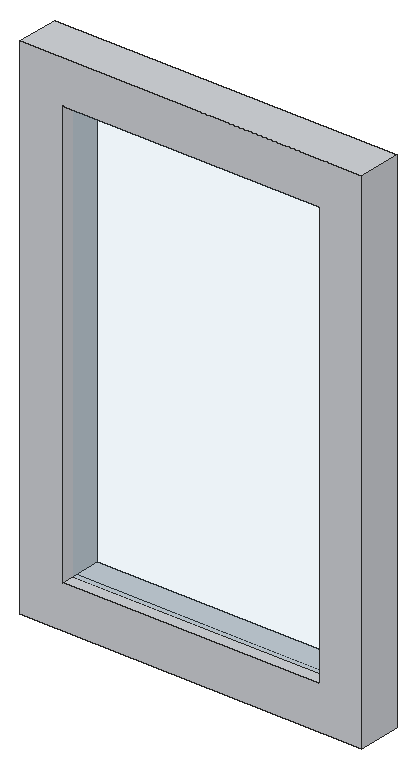
Revit family "PHLS Window", category Windows, host Wall, Revit 2018 (continued)
Definition of nested family "oReveal Right Side Text - Elevation"
  Lines and regions (mm)
    Filled region 9, type "Solid Fill - Blue", in view "Ref. Level"
      outline origin (197.496, 45, 0) x (1, 0, 0) y (0, 1, 0)
        loop
          spline (-180.176, -24.947) -> (-183.054, -25.289) -> (-185.569, -25.599) -> (-187.565, -26.26) -> (-188.711, -27.474) -> (-189.006, -29.249) -> (-188.323, -30.798) -> (-186.742, -31.691) -> (-184.734, -31.772) -> (-182.898, -31.193) -> (-181.336, -30.093) -> (-180.13, -28.385) -> (-179.062, -24.59)
    Filled region 10, type "Solid Fill - Blue", in view "Ref. Level"
      outline origin (212.589, 45, 0) x (1, 0, 0) y (0, 1, 0)
        loop
          line (-188.472, -33.793) -> (-185.362, -33.793) -> (-180.225, -8.762) -> (-183.335, -8.762) -> (-188.472, -33.793)
    Filled region 11, type "Solid Fill - Blue", in view "Ref. Level"
      outline origin (374.336, 45, 0) x (1, 0, 0) y (0, 1, 0)
        loop
          line (-188.129, -25.472) -> (-174.751, -25.472)
          spline (-174.751, -25.472) -> (-175.33, -18.793) -> (-178.232, -15.972) -> (-182.297, -15.286) -> (-185.875, -16.235) -> (-188.923, -19.053) -> (-190.829, -22.908) -> (-191.378, -26.678) -> (-190.398, -30.629) -> (-187.637, -33.408) -> (-183.785, -34.191) -> (-179.629, -32.861) -> (-175.591, -27.915)
          line (-175.591, -27.915) -> (-178.628, -27.65)
          spline (-178.628, -27.65) -> (-179.383, -29.083) -> (-180.181, -30.112) -> (-181.08, -30.842) -> (-182.086, -31.328) -> (-183.191, -31.613) -> (-184.325, -31.69) -> (-185.385, -31.524) -> (-186.294, -31.082) -> (-187.053, -30.342) -> (-187.68, -29.283) -> (-188.105, -27.762) -> (-188.129, -25.472)
        loop
          spline (-177.445, -23.161) -> (-177.526, -21.224) -> (-177.805, -19.993) -> (-178.317, -19.083) -> (-179.061, -18.396) -> (-179.944, -17.928) -> (-180.872, -17.685) -> (-181.802, -17.626) -> (-182.746, -17.748) -> (-183.806, -18.125) -> (-185.057, -18.884) -> (-186.406, -20.407) -> (-187.699, -23.161)
          line (-187.699, -23.161) -> (-177.445, -23.161)
    Filled region 12, type "Solid Fill - Blue", in view "Ref. Level"
      outline origin (363.908, 45, 0) x (1, 0, 0) y (0, 1, 0)
        loop
          line (-189.097, -33.793) -> (-186.143, -33.793) -> (-181.007, -8.762) -> (-183.96, -8.762) -> (-185.992, -18.666)
          spline (-185.992, -18.666) -> (-189.018, -15.645) -> (-191.89, -15.318) -> (-194.745, -16.312) -> (-197.017, -18.256) -> (-198.758, -21.005) -> (-199.707, -23.911) -> (-199.98, -27.227) -> (-199.492, -30.174) -> (-197.974, -32.627) -> (-195.435, -34.052) -> (-192.553, -33.977) -> (-188.596, -31.353)
          line (-188.596, -31.353) -> (-189.097, -33.793)
        loop
          spline (-187.074, -23.939) -> (-187.766, -19.434) -> (-189.652, -17.96) -> (-191.978, -17.855) -> (-193.982, -19.036) -> (-195.419, -21.043) -> (-196.57, -23.675) -> (-197.008, -26.615) -> (-196.558, -29.314) -> (-195.29, -31.127) -> (-193.225, -31.745) -> (-190.995, -31.199) -> (-187.564, -26.326)
          line (-187.564, -26.326) -> (-187.074, -23.939)
    Filled region 13, type "Solid Fill - Blue", in view "Ref. Level"
      outline origin (301.91, 45, 0) x (1, 0, 0) y (0, 1, 0)
        loop
          spline (-188.225, -31.068) -> (-188.142, -32.2) -> (-187.85, -32.743) -> (-187.548, -33.075) -> (-187.215, -33.366) -> (-186.817, -33.641) -> (-186.334, -33.851) -> (-185.8, -33.988) -> (-185.279, -34.07) -> (-184.77, -34.11) -> (-184.203, -34.117) -> (-183.457, -34.057) -> (-182.296, -33.793)
          line (-182.296, -33.793) -> (-181.778, -31.268)
          spline (-181.778, -31.268) -> (-182.615, -31.431) -> (-183.256, -31.506) -> (-183.748, -31.513) -> (-184.131, -31.466) -> (-184.428, -31.371) -> (-184.66, -31.233) -> (-184.832, -31.045) -> (-184.939, -30.798) -> (-184.983, -30.489) -> (-184.981, -30.117) -> (-184.902, -29.552) -> (-184.676, -28.55)
          line (-184.676, -28.55) -> (-182.44, -18.033) -> (-179.466, -18.033) -> (-178.977, -15.651) -> (-181.952, -15.651) -> (-180.595, -9.043) -> (-184.142, -11.174) -> (-185.061, -15.651) -> (-187.516, -15.651) -> (-188.004, -18.033) -> (-185.55, -18.033) -> (-188.225, -31.068)
    Filled region 14, type "Solid Fill - Blue", in view "Ref. Level"
      outline origin (342.757, 45, 0) x (1, 0, 0) y (0, 1, 0)
        loop
          line (-187.046, -33.813) -> (-183.92, -33.813) -> (-180.059, -15.651) -> (-183.186, -15.651) -> (-187.046, -33.813)
        loop
          line (-178.662, -8.76) -> (-181.772, -8.76) -> (-182.479, -12.206) -> (-179.369, -12.206) -> (-178.662, -8.76)
    Filled region 15, type "Solid Fill - Blue", in view "Ref. Level"
      outline origin (325.902, 45, 0) x (1, 0, 0) y (0, 1, 0)
        loop
          spline (-191.902, -25.696) -> (-188.873, -32.573) -> (-184.7, -34.054) -> (-179.1, -33.911) -> (-174.626, -31.632) -> (-172.605, -27.747) -> (-173.701, -23.276) -> (-177.807, -20.444) -> (-183.106, -18.033) -> (-185.511, -14.656) -> (-182.77, -11.452) -> (-177.656, -11.4) -> (-174.053, -16.091)
          line (-174.053, -16.091) -> (-170.823, -15.809)
          spline (-170.823, -15.809) -> (-173.206, -10.35) -> (-177.749, -8.428) -> (-183.329, -8.698) -> (-187.292, -10.915) -> (-188.76, -15.635) -> (-186.187, -19.894) -> (-181.292, -22.401) -> (-176.599, -25.193) -> (-176.643, -29.277) -> (-181.021, -31.416) -> (-186.304, -30.526) -> (-188.603, -25.407)
          line (-188.603, -25.407) -> (-191.902, -25.696)
    Filled region 16, type "Solid Fill - Blue", in view "Ref. Level"
      outline origin (231.047, 45, 0) x (1, 0, 0) y (0, 1, 0)
        loop
          line (-188.472, -33.793) -> (-185.05, -33.793) -> (-182.768, -22.676) -> (-178.749, -22.676)
          spline (-178.749, -22.676) -> (-177.093, -22.836) -> (-175.853, -23.268) -> (-174.945, -23.899) -> (-174.288, -24.657) -> (-173.796, -25.469) -> (-173.389, -26.266) -> (-173.006, -27.05) -> (-172.612, -27.905) -> (-172.172, -28.918) -> (-171.652, -30.178) -> (-171.017, -31.774) -> (-170.235, -33.793)
          line (-170.235, -33.793) -> (-166.55, -33.793)
          spline (-166.55, -33.793) -> (-167.221, -32.11) -> (-167.783, -30.698) -> (-168.262, -29.514) -> (-168.682, -28.512) -> (-169.068, -27.647) -> (-169.446, -26.874) -> (-169.84, -26.149) -> (-170.279, -25.44) -> (-170.789, -24.735) -> (-171.402, -24.023) -> (-172.145, -23.293) -> (-173.048, -22.536)
          spline (-173.048, -22.536) -> (-169.187, -21.607) -> (-167.872, -20.91) -> (-166.626, -19.99) -> (-165.691, -18.809) -> (-165.041, -17.479) -> (-164.64, -16.087) -> (-164.569, -14.41) -> (-164.781, -12.941) -> (-165.311, -11.614) -> (-166.271, -10.347) -> (-167.333, -9.51) -> (-170.221, -8.762)
          line (-170.221, -8.762) -> (-183.335, -8.762) -> (-188.472, -33.793)
        loop
          line (-180.453, -11.396) -> (-182.195, -19.881) -> (-174.048, -19.881)
          spline (-174.048, -19.881) -> (-171.339, -19.39) -> (-170.403, -18.98) -> (-169.624, -18.453) -> (-168.951, -17.766) -> (-168.372, -16.767) -> (-167.965, -15.727) -> (-167.815, -14.787) -> (-167.91, -13.846) -> (-168.186, -12.981) -> (-168.936, -12.084) -> (-169.762, -11.678) -> (-172.089, -11.396)
          line (-172.089, -11.396) -> (-180.453, -11.396)
    Filled region 17, type "Solid Fill - Blue", in view "Ref. Level"
      outline origin (254.228, 45, 0) x (1, 0, 0) y (0, 1, 0)
        loop
          line (-187.046, -33.813) -> (-183.92, -33.813) -> (-180.059, -15.651) -> (-183.186, -15.651) -> (-187.046, -33.813)
        loop
          line (-178.662, -8.76) -> (-181.772, -8.76) -> (-182.479, -12.206) -> (-179.369, -12.206) -> (-178.662, -8.76)
    Filled region 18, type "Solid Fill - Blue", in view "Ref. Level"
      outline origin (273.129, 45, 0) x (1, 0, 0) y (0, 1, 0)
        loop
          line (-180.059, -15.651) -> (-182.873, -15.651) -> (-183.507, -18.631)
          spline (-183.507, -18.631) -> (-187.01, -15.474) -> (-189.921, -15.283) -> (-192.548, -16.16) -> (-194.909, -18.032) -> (-196.766, -20.673) -> (-197.861, -23.651) -> (-198.089, -26.745) -> (-197.453, -29.77) -> (-195.976, -32.014) -> (-193.714, -33.506) -> (-190.414, -33.658) -> (-186.497, -31.375)
          spline (-186.497, -31.375) -> (-187.176, -34.352) -> (-187.597, -35.867) -> (-188.052, -36.823) -> (-188.69, -37.524) -> (-189.569, -38.048) -> (-190.623, -38.384) -> (-191.767, -38.529) -> (-192.924, -38.517) -> (-193.958, -38.361) -> (-194.751, -38.029) -> (-195.45, -37.333) -> (-195.731, -35.767)
          line (-195.731, -35.767) -> (-198.821, -35.466)
          spline (-198.821, -35.466) -> (-198.736, -37.55) -> (-198.091, -39.018) -> (-196.931, -40.043) -> (-195.401, -40.659) -> (-193.776, -40.988) -> (-192.164, -41.084) -> (-190.591, -40.969) -> (-189.102, -40.652) -> (-187.722, -40.101) -> (-186.377, -39.083) -> (-185.025, -37.23) -> (-183.92, -33.813)
          line (-183.92, -33.813) -> (-180.059, -15.651)
        loop
          spline (-191.883, -31.164) -> (-190.589, -31.311) -> (-189.243, -30.995) -> (-187.939, -30.237) -> (-186.765, -29.087) -> (-185.801, -27.626) -> (-185.113, -25.951) -> (-184.747, -24.178) -> (-184.729, -22.427) -> (-185.06, -20.818) -> (-185.717, -19.46) -> (-186.655, -18.445) -> (-187.811, -17.844)
          spline (-187.811, -17.844) -> (-189.106, -17.696) -> (-190.451, -18.012) -> (-191.755, -18.771) -> (-192.93, -19.92) -> (-193.894, -21.382) -> (-194.582, -23.056) -> (-194.948, -24.829) -> (-194.966, -26.58) -> (-194.635, -28.189) -> (-193.978, -29.548) -> (-193.039, -30.562) -> (-191.883, -31.164)
    Filled region 19, type "Solid Fill - Blue", in view "Ref. Level"
      outline origin (280.845, 45, 0) x (1, 0, 0) y (0, 1, 0)
        loop
          line (-187.203, -33.813) -> (-184.076, -33.813) -> (-182.029, -24.183)
          spline (-182.029, -24.183) -> (-181.055, -21.496) -> (-180.114, -19.985) -> (-179.213, -19.156) -> (-178.355, -18.578) -> (-177.493, -18.149) -> (-176.57, -17.875) -> (-175.595, -17.762) -> (-174.69, -17.814) -> (-173.937, -18.051) -> (-173.31, -18.53) -> (-172.9, -19.34) -> (-173.029, -21.034)
          line (-173.029, -21.034) -> (-175.745, -33.813) -> (-172.618, -33.813) -> (-170.184, -22.361)
          spline (-170.184, -22.361) -> (-169.793, -19.618) -> (-169.966, -18.045) -> (-170.478, -17.066) -> (-171.158, -16.393) -> (-171.899, -15.878) -> (-172.776, -15.508) -> (-173.861, -15.299) -> (-175.038, -15.27) -> (-176.173, -15.439) -> (-177.283, -15.818) -> (-178.473, -16.46) -> (-180.15, -17.713)
          line (-180.15, -17.713) -> (-180.789, -18.352) -> (-178.751, -8.76) -> (-181.877, -8.76) -> (-187.203, -33.813)
    Filled region 20, type "Solid Fill - Blue", in view "Ref. Level"
      outline origin (98.855, 44.647, 0) x (1, 0, 0) y (0, 1, 0)
        loop
          spline (-185.95, -31.303) -> (-184.564, -31.411) -> (-183.141, -31.022) -> (-181.777, -30.162) -> (-180.567, -28.889) -> (-179.592, -27.29) -> (-178.919, -25.475) -> (-178.594, -23.566) -> (-178.639, -21.694) -> (-179.051, -19.987) -> (-179.801, -18.56) -> (-180.839, -17.511) -> (-182.095, -16.912)
          spline (-182.095, -16.912) -> (-183.481, -16.803) -> (-184.904, -17.193) -> (-186.268, -18.053) -> (-187.478, -19.326) -> (-188.453, -20.924) -> (-189.126, -22.74) -> (-189.451, -24.649) -> (-189.406, -26.521) -> (-188.994, -28.228) -> (-188.244, -29.655) -> (-187.205, -30.703) -> (-185.95, -31.303)
        loop
          spline (-186.719, -33.512) -> (-184.541, -33.789) -> (-182.328, -33.407) -> (-180.231, -32.391) -> (-178.392, -30.811) -> (-176.936, -28.774) -> (-175.964, -26.418) -> (-175.54, -23.905) -> (-175.695, -21.406) -> (-176.417, -19.092) -> (-177.658, -17.118) -> (-179.332, -15.622) -> (-181.326, -14.703)
          spline (-181.326, -14.703) -> (-183.503, -14.425) -> (-185.717, -14.808) -> (-187.814, -15.823) -> (-189.653, -17.404) -> (-191.109, -19.441) -> (-192.081, -21.797) -> (-192.505, -24.309) -> (-192.35, -26.808) -> (-191.628, -29.123) -> (-190.387, -31.096) -> (-188.713, -32.593) -> (-186.719, -33.512)
Definition of nested family "oReveal Left Side Text - Elevation"
  Reference planes
    plane 1 "Center (Front/Back)": y = 0
    plane 2: z = 0
    plane 3 "Center (Left/Right)": x = 0
  Lines and regions (mm)
    Filled region 1, type "Solid Fill - Blue", in view "Ref. Level"
      outline origin (0, 45, 0) x (1, 0, 0) y (0, 1, 0)
        loop
          line (-188.472, -33.793) -> (-185.05, -33.793) -> (-182.961, -23.613) -> (-175.674, -23.613)
          spline (-175.674, -23.613) -> (-171.33, -22.908) -> (-169.791, -22.309) -> (-168.405, -21.311) -> (-167.201, -20.024) -> (-166.317, -18.518) -> (-165.768, -16.888) -> (-165.579, -15.289) -> (-165.618, -13.63) -> (-166.119, -11.979) -> (-167.07, -10.588) -> (-168.322, -9.573) -> (-171.627, -8.762)
          line (-171.627, -8.762) -> (-183.335, -8.762) -> (-188.472, -33.793)
        loop
          line (-180.453, -11.396) -> (-182.387, -20.819) -> (-175.67, -20.819)
          spline (-175.67, -20.819) -> (-172.662, -20.274) -> (-171.624, -19.818) -> (-170.758, -19.233) -> (-170.01, -18.47) -> (-169.367, -17.36) -> (-168.916, -16.205) -> (-168.749, -15.161) -> (-168.855, -14.116) -> (-169.161, -13.156) -> (-169.994, -12.16) -> (-170.911, -11.709) -> (-173.495, -11.396)
          line (-173.495, -11.396) -> (-180.453, -11.396)
    Filled region 2, type "Solid Fill - Blue", in view "Ref. Level"
      outline origin (23.211, 45, 0) x (1, 0, 0) y (0, 1, 0)
        loop
          line (-188.472, -33.793) -> (-185.05, -33.793) -> (-182.624, -21.973) -> (-169.658, -21.973) -> (-172.083, -33.793) -> (-168.661, -33.793) -> (-163.525, -8.762) -> (-166.947, -8.762) -> (-169.084, -19.178) -> (-182.05, -19.178) -> (-179.913, -8.762) -> (-183.335, -8.762) -> (-188.472, -33.793)
    Filled region 3, type "Solid Fill - Blue", in view "Ref. Level"
      outline origin (48.414, 45, 0) x (1, 0, 0) y (0, 1, 0)
        loop
          line (-188.472, -33.793) -> (-185.05, -33.793) -> (-182.961, -23.613) -> (-175.674, -23.613)
          spline (-175.674, -23.613) -> (-171.33, -22.908) -> (-169.791, -22.309) -> (-168.405, -21.311) -> (-167.201, -20.024) -> (-166.317, -18.518) -> (-165.768, -16.888) -> (-165.579, -15.289) -> (-165.618, -13.63) -> (-166.119, -11.979) -> (-167.07, -10.588) -> (-168.322, -9.573) -> (-171.627, -8.762)
          line (-171.627, -8.762) -> (-183.335, -8.762) -> (-188.472, -33.793)
        loop
          line (-180.453, -11.396) -> (-182.387, -20.819) -> (-175.67, -20.819)
          spline (-175.67, -20.819) -> (-172.662, -20.274) -> (-171.624, -19.818) -> (-170.758, -19.233) -> (-170.01, -18.47) -> (-169.367, -17.36) -> (-168.916, -16.205) -> (-168.749, -15.161) -> (-168.855, -14.116) -> (-169.161, -13.156) -> (-169.994, -12.16) -> (-170.911, -11.709) -> (-173.495, -11.396)
          line (-173.495, -11.396) -> (-180.453, -11.396)
    Filled region 4, type "Solid Fill - Blue", in view "Ref. Level"
      outline origin (71.479, 45, 0) x (1, 0, 0) y (0, 1, 0)
        loop
          line (-188.472, -33.793) -> (-185.05, -33.793) -> (-182.961, -23.613) -> (-175.674, -23.613)
          spline (-175.674, -23.613) -> (-171.33, -22.908) -> (-169.791, -22.309) -> (-168.405, -21.311) -> (-167.201, -20.024) -> (-166.317, -18.518) -> (-165.768, -16.888) -> (-165.579, -15.289) -> (-165.618, -13.63) -> (-166.119, -11.979) -> (-167.07, -10.588) -> (-168.322, -9.573) -> (-171.627, -8.762)
          line (-171.627, -8.762) -> (-183.335, -8.762) -> (-188.472, -33.793)
        loop
          line (-180.453, -11.396) -> (-182.387, -20.819) -> (-175.67, -20.819)
          spline (-175.67, -20.819) -> (-172.662, -20.274) -> (-171.624, -19.818) -> (-170.758, -19.233) -> (-170.01, -18.47) -> (-169.367, -17.36) -> (-168.916, -16.205) -> (-168.749, -15.161) -> (-168.855, -14.116) -> (-169.161, -13.156) -> (-169.994, -12.16) -> (-170.911, -11.709) -> (-173.495, -11.396)
          line (-173.495, -11.396) -> (-180.453, -11.396)
    Filled region 5, type "Solid Fill - Blue", in view "Ref. Level"
      outline origin (123.92, 45, 0) x (1, 0, 0) y (0, 1, 0)
        loop
          line (-188.472, -33.793) -> (-185.05, -33.793) -> (-182.768, -22.676) -> (-178.749, -22.676)
          spline (-178.749, -22.676) -> (-177.093, -22.836) -> (-175.853, -23.268) -> (-174.945, -23.899) -> (-174.288, -24.657) -> (-173.796, -25.469) -> (-173.389, -26.266) -> (-173.006, -27.05) -> (-172.612, -27.905) -> (-172.172, -28.918) -> (-171.652, -30.178) -> (-171.017, -31.774) -> (-170.235, -33.793)
          line (-170.235, -33.793) -> (-166.55, -33.793)
          spline (-166.55, -33.793) -> (-167.221, -32.11) -> (-167.783, -30.698) -> (-168.262, -29.514) -> (-168.682, -28.512) -> (-169.068, -27.647) -> (-169.446, -26.874) -> (-169.84, -26.149) -> (-170.279, -25.44) -> (-170.789, -24.735) -> (-171.402, -24.023) -> (-172.145, -23.293) -> (-173.048, -22.536)
          spline (-173.048, -22.536) -> (-169.187, -21.607) -> (-167.872, -20.91) -> (-166.626, -19.99) -> (-165.691, -18.809) -> (-165.041, -17.479) -> (-164.64, -16.087) -> (-164.569, -14.41) -> (-164.781, -12.941) -> (-165.311, -11.614) -> (-166.271, -10.347) -> (-167.333, -9.51) -> (-170.221, -8.762)
          line (-170.221, -8.762) -> (-183.335, -8.762) -> (-188.472, -33.793)
        loop
          line (-180.453, -11.396) -> (-182.195, -19.881) -> (-174.048, -19.881)
          spline (-174.048, -19.881) -> (-171.339, -19.39) -> (-170.403, -18.98) -> (-169.624, -18.453) -> (-168.951, -17.766) -> (-168.372, -16.767) -> (-167.965, -15.727) -> (-167.815, -14.787) -> (-167.91, -13.846) -> (-168.186, -12.981) -> (-168.936, -12.084) -> (-169.762, -11.678) -> (-172.089, -11.396)
          line (-172.089, -11.396) -> (-180.453, -11.396)
    Filled region 6, type "Solid Fill - Blue", in view "Ref. Level"
      outline origin (152.049, 45, 0) x (1, 0, 0) y (0, 1, 0)
        loop
          line (-188.129, -25.472) -> (-174.751, -25.472)
          spline (-174.751, -25.472) -> (-175.33, -18.793) -> (-178.232, -15.972) -> (-182.297, -15.286) -> (-185.875, -16.235) -> (-188.923, -19.053) -> (-190.829, -22.908) -> (-191.378, -26.678) -> (-190.398, -30.629) -> (-187.637, -33.408) -> (-183.785, -34.191) -> (-179.629, -32.861) -> (-175.591, -27.915)
          line (-175.591, -27.915) -> (-178.628, -27.65)
          spline (-178.628, -27.65) -> (-179.383, -29.083) -> (-180.181, -30.112) -> (-181.08, -30.842) -> (-182.086, -31.328) -> (-183.191, -31.613) -> (-184.325, -31.69) -> (-185.385, -31.524) -> (-186.294, -31.082) -> (-187.053, -30.342) -> (-187.68, -29.283) -> (-188.105, -27.762) -> (-188.129, -25.472)
        loop
          spline (-177.445, -23.161) -> (-177.526, -21.224) -> (-177.805, -19.993) -> (-178.317, -19.083) -> (-179.061, -18.396) -> (-179.944, -17.928) -> (-180.872, -17.685) -> (-181.802, -17.626) -> (-182.746, -17.748) -> (-183.806, -18.125) -> (-185.057, -18.884) -> (-186.406, -20.407) -> (-187.699, -23.161)
          line (-187.699, -23.161) -> (-177.445, -23.161)
    Filled region 7, type "Solid Fill - Blue", in view "Ref. Level"
      outline origin (189.186, 45, 0) x (1, 0, 0) y (0, 1, 0)
        loop
          line (-188.129, -25.472) -> (-174.751, -25.472)
          spline (-174.751, -25.472) -> (-175.33, -18.793) -> (-178.232, -15.972) -> (-182.297, -15.286) -> (-185.875, -16.235) -> (-188.923, -19.053) -> (-190.829, -22.908) -> (-191.378, -26.678) -> (-190.398, -30.629) -> (-187.637, -33.408) -> (-183.785, -34.191) -> (-179.629, -32.861) -> (-175.591, -27.915)
          line (-175.591, -27.915) -> (-178.628, -27.65)
          spline (-178.628, -27.65) -> (-179.383, -29.083) -> (-180.181, -30.112) -> (-181.08, -30.842) -> (-182.086, -31.328) -> (-183.191, -31.613) -> (-184.325, -31.69) -> (-185.385, -31.524) -> (-186.294, -31.082) -> (-187.053, -30.342) -> (-187.68, -29.283) -> (-188.105, -27.762) -> (-188.129, -25.472)
        loop
          spline (-177.445, -23.161) -> (-177.526, -21.224) -> (-177.805, -19.993) -> (-178.317, -19.083) -> (-179.061, -18.396) -> (-179.944, -17.928) -> (-180.872, -17.685) -> (-181.802, -17.626) -> (-182.746, -17.748) -> (-183.806, -18.125) -> (-185.057, -18.884) -> (-186.406, -20.407) -> (-187.699, -23.161)
          line (-187.699, -23.161) -> (-177.445, -23.161)
    Filled region 8, type "Solid Fill - Blue", in view "Ref. Level"
      outline origin (173.693, 45, 0) x (1, 0, 0) y (0, 1, 0)
        loop
          line (-189.88, -33.819) -> (-186.425, -33.819) -> (-175.939, -15.656) -> (-179.19, -15.656) -> (-187.655, -30.927) -> (-189.88, -15.656) -> (-192.832, -15.656) -> (-189.88, -33.819)
    Filled region 9, type "Solid Fill - Blue", in view "Ref. Level"
      outline origin (208.746, 45, 0) x (1, 0, 0) y (0, 1, 0)
        loop
          spline (-176.731, -33.81) -> (-177.048, -30.756) -> (-176.568, -27.729) -> (-175.862, -24.428) -> (-175.296, -21.761) -> (-175.209, -19.472) -> (-176.174, -17.323) -> (-178.088, -15.946) -> (-180.408, -15.324) -> (-183.076, -15.244) -> (-185.871, -15.924) -> (-188.445, -17.662) -> (-190.254, -20.766)
          line (-190.254, -20.766) -> (-187.177, -21.036)
          spline (-187.177, -21.036) -> (-186.217, -19.367) -> (-185.166, -18.49) -> (-184.123, -18.053) -> (-183.14, -17.828) -> (-182.213, -17.753) -> (-181.329, -17.788) -> (-180.488, -17.931) -> (-179.696, -18.205) -> (-178.989, -18.646) -> (-178.457, -19.328) -> (-178.242, -20.429) -> (-178.61, -22.434)
          spline (-178.61, -22.434) -> (-182.106, -22.969) -> (-185.94, -23.268) -> (-188.411, -23.836) -> (-190.183, -24.81) -> (-191.466, -26.329) -> (-192.072, -28.375) -> (-191.785, -30.63) -> (-190.666, -32.589) -> (-188.815, -33.834) -> (-186.625, -34.269) -> (-184.308, -33.979) -> (-180.197, -31.547)
          line (-180.197, -31.547) -> (-179.837, -33.81) -> (-176.731, -33.81)
        loop
          arc (-179.062, -24.59) -> (-179.61, -24.797) -> (-180.176, -24.947) r 5.632
          spline (-180.176, -24.947) -> (-183.054, -25.289) -> (-185.569, -25.599) -> (-187.565, -26.26) -> (-188.711, -27.474) -> (-189.006, -29.249) -> (-188.323, -30.798) -> (-186.742, -31.691) -> (-184.734, -31.772) -> (-182.898, -31.193) -> (-181.336, -30.093) -> (-180.13, -28.385) -> (-179.062, -24.59)
    Filled region 10, type "Solid Fill - Blue", in view "Ref. Level"
      outline origin (223.839, 45, 0) x (1, 0, 0) y (0, 1, 0)
        loop
          line (-188.472, -33.793) -> (-185.362, -33.793) -> (-180.225, -8.762) -> (-183.335, -8.762) -> (-188.472, -33.793)
    Filled region 11, type "Solid Fill - Blue", in view "Ref. Level"
      outline origin (241.995, 45, 0) x (1, 0, 0) y (0, 1, 0)
        loop
          line (-188.472, -33.793) -> (-171.96, -33.793) -> (-171.385, -30.991) -> (-184.475, -30.991) -> (-179.913, -8.762) -> (-183.335, -8.762) -> (-188.472, -33.793)
    Filled region 12, type "Solid Fill - Blue", in view "Ref. Level"
      outline origin (264.491, 45, 0) x (1, 0, 0) y (0, 1, 0)
        loop
          line (-188.129, -25.472) -> (-174.751, -25.472)
          spline (-174.751, -25.472) -> (-175.33, -18.793) -> (-178.232, -15.972) -> (-182.297, -15.286) -> (-185.875, -16.235) -> (-188.923, -19.053) -> (-190.829, -22.908) -> (-191.378, -26.678) -> (-190.398, -30.629) -> (-187.637, -33.408) -> (-183.785, -34.191) -> (-179.629, -32.861) -> (-175.591, -27.915)
          line (-175.591, -27.915) -> (-178.628, -27.65)
          spline (-178.628, -27.65) -> (-179.383, -29.083) -> (-180.181, -30.112) -> (-181.08, -30.842) -> (-182.086, -31.328) -> (-183.191, -31.613) -> (-184.325, -31.69) -> (-185.385, -31.524) -> (-186.294, -31.082) -> (-187.053, -30.342) -> (-187.68, -29.283) -> (-188.105, -27.762) -> (-188.129, -25.472)
        loop
          spline (-177.445, -23.161) -> (-177.526, -21.224) -> (-177.805, -19.993) -> (-178.317, -19.083) -> (-179.061, -18.396) -> (-179.944, -17.928) -> (-180.872, -17.685) -> (-181.802, -17.626) -> (-182.746, -17.748) -> (-183.806, -18.125) -> (-185.057, -18.884) -> (-186.406, -20.407) -> (-187.699, -23.161)
          line (-187.699, -23.161) -> (-177.445, -23.161)
    Filled region 13, type "Solid Fill - Blue", in view "Ref. Level"
      outline origin (363.086, 45, 0) x (1, 0, 0) y (0, 1, 0)
        loop
          line (-188.129, -25.472) -> (-174.751, -25.472)
          spline (-174.751, -25.472) -> (-175.33, -18.793) -> (-178.232, -15.972) -> (-182.297, -15.286) -> (-185.875, -16.235) -> (-188.923, -19.053) -> (-190.829, -22.908) -> (-191.378, -26.678) -> (-190.398, -30.629) -> (-187.637, -33.408) -> (-183.785, -34.191) -> (-179.629, -32.861) -> (-175.591, -27.915)
          line (-175.591, -27.915) -> (-178.628, -27.65)
          spline (-178.628, -27.65) -> (-179.383, -29.083) -> (-180.181, -30.112) -> (-181.08, -30.842) -> (-182.086, -31.328) -> (-183.191, -31.613) -> (-184.325, -31.69) -> (-185.385, -31.524) -> (-186.294, -31.082) -> (-187.053, -30.342) -> (-187.68, -29.283) -> (-188.105, -27.762) -> (-188.129, -25.472)
        loop
          spline (-177.445, -23.161) -> (-177.526, -21.224) -> (-177.805, -19.993) -> (-178.317, -19.083) -> (-179.061, -18.396) -> (-179.944, -17.928) -> (-180.872, -17.685) -> (-181.802, -17.626) -> (-182.746, -17.748) -> (-183.806, -18.125) -> (-185.057, -18.884) -> (-186.406, -20.407) -> (-187.699, -23.161)
          line (-187.699, -23.161) -> (-177.445, -23.161)
    Filled region 14, type "Solid Fill - Blue", in view "Ref. Level"
      outline origin (352.658, 45, 0) x (1, 0, 0) y (0, 1, 0)
        loop
          line (-189.097, -33.793) -> (-186.143, -33.793) -> (-181.007, -8.762) -> (-183.96, -8.762) -> (-185.992, -18.666)
          spline (-185.992, -18.666) -> (-189.018, -15.645) -> (-191.89, -15.318) -> (-194.745, -16.312) -> (-197.017, -18.256) -> (-198.758, -21.005) -> (-199.707, -23.911) -> (-199.98, -27.227) -> (-199.492, -30.174) -> (-197.974, -32.627) -> (-195.435, -34.052) -> (-192.553, -33.977) -> (-188.596, -31.353)
          line (-188.596, -31.353) -> (-189.097, -33.793)
        loop
          spline (-187.074, -23.939) -> (-187.766, -19.434) -> (-189.652, -17.96) -> (-191.978, -17.855) -> (-193.982, -19.036) -> (-195.419, -21.043) -> (-196.57, -23.675) -> (-197.008, -26.615) -> (-196.558, -29.314) -> (-195.29, -31.127) -> (-193.225, -31.745) -> (-190.995, -31.199) -> (-187.564, -26.326)
          line (-187.564, -26.326) -> (-187.074, -23.939)
    Filled region 15, type "Solid Fill - Blue", in view "Ref. Level"
      outline origin (280.66, 45, 0) x (1, 0, 0) y (0, 1, 0)
        loop
          line (-188.472, -33.793) -> (-185.362, -33.793) -> (-182.128, -18.033) -> (-178.684, -18.033) -> (-178.196, -15.651) -> (-181.639, -15.651) -> (-181.13, -13.171)
          spline (-181.13, -13.171) -> (-180.875, -12.394) -> (-180.648, -11.881) -> (-180.425, -11.557) -> (-180.185, -11.35) -> (-179.912, -11.208) -> (-179.604, -11.12) -> (-179.257, -11.078) -> (-178.871, -11.074) -> (-178.428, -11.106) -> (-177.895, -11.181) -> (-177.234, -11.306) -> (-176.412, -11.487)
          line (-176.412, -11.487) -> (-175.837, -8.781)
          spline (-175.837, -8.781) -> (-177.104, -8.532) -> (-178.088, -8.382) -> (-178.945, -8.3) -> (-179.74, -8.286) -> (-180.49, -8.36) -> (-181.202, -8.535) -> (-181.855, -8.805) -> (-182.425, -9.164) -> (-182.908, -9.62) -> (-183.321, -10.204) -> (-183.703, -11.082) -> (-184.151, -12.738)
          line (-184.151, -12.738) -> (-184.748, -15.651) -> (-187.516, -15.651) -> (-188.004, -18.033) -> (-185.237, -18.033) -> (-188.472, -33.793)
    Filled region 16, type "Solid Fill - Blue", in view "Ref. Level"
      outline origin (290.66, 45, 0) x (1, 0, 0) y (0, 1, 0)
        loop
          spline (-188.225, -31.068) -> (-188.142, -32.2) -> (-187.85, -32.743) -> (-187.548, -33.075) -> (-187.215, -33.366) -> (-186.817, -33.641) -> (-186.334, -33.851) -> (-185.8, -33.988) -> (-185.279, -34.07) -> (-184.77, -34.11) -> (-184.203, -34.117) -> (-183.457, -34.057) -> (-182.296, -33.793)
          line (-182.296, -33.793) -> (-181.778, -31.268)
          spline (-181.778, -31.268) -> (-182.615, -31.431) -> (-183.256, -31.506) -> (-183.748, -31.513) -> (-184.131, -31.466) -> (-184.428, -31.371) -> (-184.66, -31.233) -> (-184.832, -31.045) -> (-184.939, -30.798) -> (-184.983, -30.489) -> (-184.981, -30.117) -> (-184.902, -29.552) -> (-184.676, -28.55)
          line (-184.676, -28.55) -> (-182.44, -18.033) -> (-179.466, -18.033) -> (-178.977, -15.651) -> (-181.952, -15.651) -> (-180.595, -9.043) -> (-184.142, -11.174) -> (-185.061, -15.651) -> (-187.516, -15.651) -> (-188.004, -18.033) -> (-185.55, -18.033) -> (-188.225, -31.068)
    Filled region 17, type "Solid Fill - Blue", in view "Ref. Level"
      outline origin (331.507, 45, 0) x (1, 0, 0) y (0, 1, 0)
        loop
          line (-187.046, -33.813) -> (-183.92, -33.813) -> (-180.059, -15.651) -> (-183.186, -15.651) -> (-187.046, -33.813)
        loop
          line (-178.662, -8.76) -> (-181.772, -8.76) -> (-182.479, -12.206) -> (-179.369, -12.206) -> (-178.662, -8.76)
    Filled region 18, type "Solid Fill - Blue", in view "Ref. Level"
      outline origin (314.652, 45, 0) x (1, 0, 0) y (0, 1, 0)
        loop
          spline (-191.902, -25.696) -> (-188.873, -32.573) -> (-184.7, -34.054) -> (-179.1, -33.911) -> (-174.626, -31.632) -> (-172.605, -27.747) -> (-173.701, -23.276) -> (-177.807, -20.444) -> (-183.106, -18.033) -> (-185.511, -14.656) -> (-182.77, -11.452) -> (-177.656, -11.4) -> (-174.053, -16.091)
          line (-174.053, -16.091) -> (-170.823, -15.809)
          spline (-170.823, -15.809) -> (-173.206, -10.35) -> (-177.749, -8.428) -> (-183.329, -8.698) -> (-187.292, -10.915) -> (-188.76, -15.635) -> (-186.187, -19.894) -> (-181.292, -22.401) -> (-176.599, -25.193) -> (-176.643, -29.277) -> (-181.021, -31.416) -> (-186.304, -30.526) -> (-188.603, -25.407)
          line (-188.603, -25.407) -> (-191.902, -25.696)
    Filled region 19, type "Solid Fill - Blue", in view "Ref. Level"
      outline origin (111.643, 44.7, 0) x (1, 0, 0) y (0, 1, 0)
        loop
          spline (-187.2, -31.928) -> (-185.814, -32.036) -> (-184.391, -31.647) -> (-183.027, -30.787) -> (-181.817, -29.514) -> (-180.842, -27.915) -> (-180.169, -26.1) -> (-179.844, -24.191) -> (-179.889, -22.319) -> (-180.301, -20.612) -> (-181.051, -19.185) -> (-182.089, -18.136) -> (-183.345, -17.537)
          spline (-183.345, -17.537) -> (-184.731, -17.428) -> (-186.154, -17.818) -> (-187.518, -18.678) -> (-188.728, -19.951) -> (-189.703, -21.549) -> (-190.376, -23.365) -> (-190.701, -25.274) -> (-190.656, -27.146) -> (-190.244, -28.853) -> (-189.494, -30.28) -> (-188.455, -31.328) -> (-187.2, -31.928)
        loop
          spline (-187.969, -34.137) -> (-185.791, -34.414) -> (-183.578, -34.032) -> (-181.481, -33.016) -> (-179.642, -31.436) -> (-178.186, -29.399) -> (-177.214, -27.043) -> (-176.79, -24.53) -> (-176.945, -22.031) -> (-177.667, -19.717) -> (-178.908, -17.743) -> (-180.582, -16.247) -> (-182.576, -15.328)
          spline (-182.576, -15.328) -> (-184.753, -15.05) -> (-186.967, -15.433) -> (-189.064, -16.448) -> (-190.903, -18.029) -> (-192.359, -20.066) -> (-193.331, -22.422) -> (-193.755, -24.934) -> (-193.6, -27.433) -> (-192.878, -29.748) -> (-191.637, -31.721) -> (-189.963, -33.218) -> (-187.969, -34.137)
Definition of nested family "Arrow Symbol - Left Right"
  Reference planes
    plane 1 "Center (Front/Back)": y = 0
    plane 2: z = 0
    plane 3 "Center (Left/Right)": x = 0
  Lines and regions (mm)
    detail lines, in view "Ref. Level"
      curve 1: line (160, 0, 0) -> (103.431, 56.569, 0)
      curve 2: line (160, 0, 0) -> (103.431, -56.569, 0)
      curve 3: line (103.431, 56.569, 0) -> (103.431, 24.069, 0)
      curve 4: line (103.431, 24.069, 0) -> (-103.369, 24.069, 0)
      curve 5: line (103.431, -56.569, 0) -> (103.431, -24.069, 0)
      curve 6: line (103.431, -24.069, 0) -> (-103.369, -24.069, 0)
      curve 7: line (-103.369, 24.069, 0) -> (-103.369, -24.069, 0)
Definition of nested family "Arrow Symbol - Up Down"
  Reference planes
    plane 1 "Center (Front/Back)": y = 0
    plane 2: z = 0
    plane 3 "Center (Left/Right)": x = 0
  Lines and regions (mm)
    detail lines, in view "Ref. Level"
      curve 1: line (0, 160, 0) -> (-56.569, 103.431, 0)
      curve 2: line (0, 160, 0) -> (56.569, 103.431, 0)
      curve 3: line (-56.569, 103.431, 0) -> (-24.069, 103.431, 0)
      curve 4: line (-24.069, 103.431, 0) -> (-24.069, -103.369, 0)
      curve 5: line (56.569, 103.431, 0) -> (24.069, 103.431, 0)
      curve 6: line (24.069, 103.431, 0) -> (24.069, -103.369, 0)
      curve 7: line (-24.069, -103.369, 0) -> (24.069, -103.369, 0)
